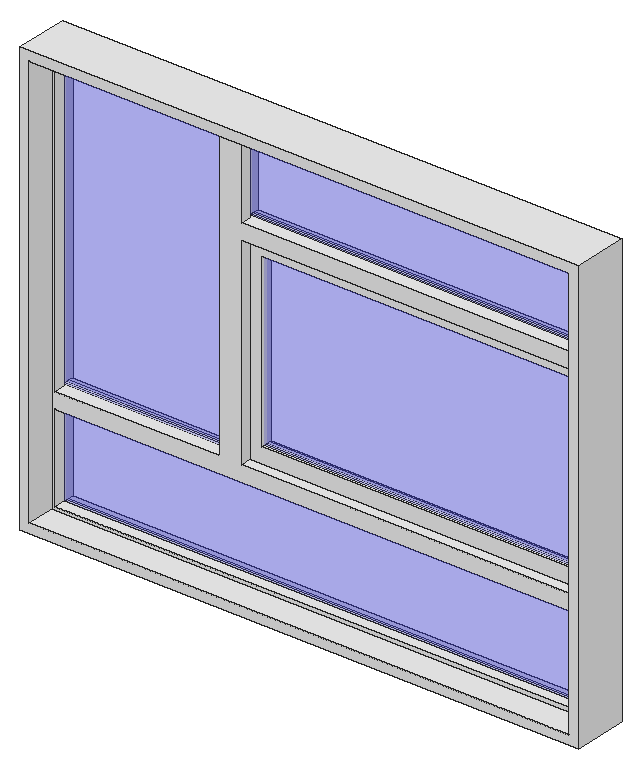
Revit family "M_Janela-toldo-variável", category Janelas, Revit 2019
Family settings
  Hospedeiro = Parede
  Número OmniClass = 23.30.20.00
  Título OmniClass = Windows
  Sempre na vertical = Sim
  Corte com vazios quando carregada = Não
  Compartilhado = Não
  Ponto de cálculo do ambiente = Não
Parameters (values of type "1550 x 1200mm")
  Janela aplicada [instance] = 15.9 mm
  Espessura da parede [instance] = 150 mm
  Visual Light Transmittance = 0.81
  Coeficiente da altura da travessa = 0.25
  Altura da travessa = Coeficiente da altura da travessa * Altura  # 300 mm
  Resistência térmica (R) = 0.319569 (m²·K)/W
  Solar Heat Gain Coefficient = 0.76
  Largura bruta = Largura + 15 mm  # 1565 mm
  Altura bruta = Altura + 15 mm  # 1215 mm
  Largura da abertura da janela = Largura / 3 * 2  # 1033.333 mm
  Altura da abertura da janela = Altura - Altura da travessa * 2  # 600 mm
  Coeficiente de transferência de calor (U) = 3.12929 W/(m²·K)
  Material da moldura = Metal - Alum
  Altura = 1200 mm
  Material do painel de vidro = Vidro
  Intervalo da moldura 3 [instance] = Intervalo da moldura 1 + 6.4 mm  # 41.92 mm
  Intervalo da moldura 2 [instance] = if(Janela aplicada > 15.9 mm, Janela aplicada, 15.9 mm)  # 15.9 mm
  Intervalo da moldura 1 = 35.52 mm
  Largura da janela fixa = Largura / 3  # 516.667 mm
  Classificação de incêndio = "0.5h"
  Altura-padrão do peitoril = 900 mm
  Fechamento da parede = Por hospedeiro
  Largura = 1550 mm
  Código de montagem = "B2020100"
  Construção analítica = "Vidraça dupla – residencial"
Types (4, lengths in mm): name | Coeficiente da altura da travessa | Altura da travessa | Largura bruta | Altura bruta | Largura da abertura da janela | Altura da abertura da janela | Altura | Largura da janela fixa | Largura
  (no name) | 0.25 | 300 | 1565 | 1215 | 1033.333 | 600 | 1200 | 516.667 | 1550
  1800 x 1350mm | 0.3 | 405 | 1815 | 1365 | 1200 | 540 | 1350 | 600 | 1800
  1550 x 1200mm | 0.25 | 300 | 1565 | 1215 | 1033.333 | 600 | 1200 | 516.667 | 1550
  2150 x 1500mm | 0.3 | 450 | 2165 | 1515 | 1433.333 | 600 | 1500 | 716.667 | 2150
Reference planes
  plane 1 "Centro (Frente/Trás)": y = 0
  plane 2: z = 0
  plane 3 "Centro (Esquerda/Direita)": x = 0
  plane 4 "Esquerda": x = -775
  plane 5 "Direita": x = 775
  plane 6 "Peitoril": z = 900
  plane 7 "Extremidade superior": z = 2100
  plane 8 "Exterior": y = 75
  plane 9 "Interior": y = -75
  plane 10 "Vidro 1": y = 59.1
  plane 11: y = 2.744
  plane 12: x = -749.6
  plane 13: x = 749.6
  plane 14: y = 33.7
  plane 15: x = -739.48
  plane 16: x = 739.48
  plane 17: x = -258.333
  plane 18: x = 258.333
  plane 19: x = -283.733
  plane 20: x = -232.933
  plane 21: x = -293.854
  plane 22: x = -222.813
  plane 23: z = 2074.6
  plane 24: z = 925.4
  plane 25 "Deslocamento do caixilho": y = 65.45
  plane 26: y = 75
  plane 27: x = -707.68
  plane 28: x = -325.654
  plane 29: x = -191.013
  plane 30: x = 707.68
  plane 31: z = 935.52
  plane 32: z = 2064.48
  plane 33 "Travessa inferior": z = 1220.96
  plane 34 "Vidro 2": y = 52.75
  plane 35 "Vidro 3": y = 46.4
  plane 36 "Vidro 4": y = 40.05
  plane 37: z = 1500
  plane 38 "Deslocamento do montante": y = 71.8
  plane 39: z = 1179.04
  plane 40: z = 1779.04
  plane 41: z = 1820.96
  plane 42: z = 1800
  plane 43: z = 1200
Forms (mm)
  Sweep 1, solid, material "Metal - Alum" <- "Material da moldura"
    path origin (0, 0, 0) x (1, 0, 0) y (0, 0, 1)
      loop
        line (-775, 900) -> (775, 900) -> (775, 2100) -> (-775, 2100) -> (-775, 900)
    profile origin (-775, 0, 1500) x (-1, 0, 0) y (0, -1, 0)
      loop
        line (0, -75) -> (0, 75) -> (-25.4, 75) -> (-25.4, -2.744) -> (-35.52, -2.744) -> (-35.52, -33.7) -> (-25.4, -33.7) -> (-25.4, -75) -> (0, -75)
  Extrusion 2, solid, material "Metal - Alum" <- "Material da moldura"
    sketch origin (0, 0, 900) x (0, -1, 0) y (1, 0, 0)
      loop
        line (-71.8, -283.733) -> (-2.744, -283.733) -> (-2.744, -222.813) -> (-33.7, -222.813) -> (-33.7, -232.933) -> (-71.8, -232.933) -> (-71.8, -283.733)
    from 320.96 to 1174.6
  Extrusion 3, solid, material "Vidro" <- "Material do painel de vidro"
    sketch origin (0, 0, 900) x (0, -1, 0) y (1, 0, 0)
      loop
        line (-59.1, -191.013) -> (-52.75, -191.013) -> (-52.75, 707.68) -> (-59.1, 707.68) -> (-59.1, -191.013)
      loop
        line (-46.4, -191.013) -> (-40.05, -191.013) -> (-40.05, 707.68) -> (-46.4, 707.68) -> (-46.4, -191.013)
    from 362.88 to 837.12
  Extrusion 4, solid, material "Metal - Alum" <- "Material da moldura"
    sketch origin (-191.013, 186.465, 1219.2) x (0, 1, 0) y (0, 0, 1)
      loop
        line (-114.665, 1.76) -> (-183.721, 1.76) -> (-183.721, -40.16) -> (-114.665, -40.16) -> (-114.665, 1.76)
    from -558.587 to 940.613
  Extrusion 5, solid, material "Vidro" <- "Material do painel de vidro"
    sketch origin (0, 0, 900) x (0, -1, 0) y (1, 0, 0)
      loop
        line (-59.1, -749.6) -> (-52.75, -749.6) -> (-52.75, -283.733) -> (-59.1, -283.733) -> (-59.1, -749.6)
      loop
        line (-46.4, -749.6) -> (-40.05, -749.6) -> (-40.05, -283.733) -> (-46.4, -283.733) -> (-46.4, -749.6)
    from 320.96 to 1174.6
  Extrusion 6, solid, material "Metal - Alum" <- "Material da moldura"
    sketch origin (775, 0, 0) x (0, -1, 0) y (0, 0, 1)
      loop
        line (-71.8, 1779.04) -> (-2.744, 1779.04) -> (-2.744, 1820.96) -> (-71.8, 1820.96) -> (-71.8, 1779.04)
    from 25.4 to 1007.933
  Extrusion 7, solid, material "Vidro" <- "Material do painel de vidro"
    sketch origin (0, 0, 900) x (0, -1, 0) y (1, 0, 0)
      loop
        line (-46.4, -232.933) -> (-40.05, -232.933) -> (-40.05, 749.6) -> (-46.4, 749.6) -> (-46.4, -232.933)
      loop
        line (-59.1, -232.933) -> (-52.75, -232.933) -> (-52.75, 749.6) -> (-59.1, 749.6) -> (-59.1, -232.933)
    from 920.96 to 1174.6
  Extrusion 8, solid, material "Vidro" <- "Material do painel de vidro"
    sketch origin (0, 0, 900) x (0, -1, 0) y (1, 0, 0)
      loop
        line (-59.1, -749.6) -> (-52.75, -749.6) -> (-52.75, 749.6) -> (-59.1, 749.6) -> (-59.1, -749.6)
      loop
        line (-46.4, -749.6) -> (-40.05, -749.6) -> (-40.05, 749.6) -> (-46.4, 749.6) -> (-46.4, -749.6)
    from 25.4 to 279.04
  Sweep 9, solid, material "Metal - Alum" <- "Material da moldura"
    path origin (-474.87, 65.45, 1219.2) x (-1, 0, 0) y (0, 0, 1)
      loop
        line (-1224.47, 1.76) -> (-241.937, 1.76) -> (-241.937, 559.84) -> (-1224.47, 559.84) -> (-1224.47, 1.76)
    profile origin (749.6, 65.45, 1500) x (1, 0, 0) y (0, 1, 0)
      loop
        line (-41.92, 0) -> (-41.92, -31.75) -> (0, -31.75) -> (0, 0) -> (-41.92, 0)
Cuts and joins
  joined: Sweep 1, Extrusion 2, Extrusion 4, Extrusion 6
Lines and regions (mm)
  Opening 1
    outline origin (-1524, -75, 0) x (1, 0, 0) y (0, 0, 1)
      loop
        line (749, 2100) -> (749, 900) -> (2299, 900) -> (2299, 2100) -> (749, 2100)
  symbolic lines, style "Giro da elevação"
    curve 1: line (258.333, 65.45, 1779.04) -> (749.6, 65.45, 1220.96)
    curve 2: line (258.333, 65.45, 1779.04) -> (-232.933, 65.45, 1220.96)
Text (mm)
  text "EXTERIOR" at (-1490.695, 1293.036, 0), in view "Nível de referência"
  text "INTERIOR" at (-1490.695, -959.266, 0), in view "Nível de referência"
  text "Exterior" at (0, 1108.87, 3129.179), in view "Esquerda"
  text "Exterior" at (0, 464.664, 3176.206), in view "Direita"
Dimensions and locks
  equal spacing: plane 4 "Esquerda", plane 3 "Centro (Esquerda/Direita)", plane 5 "Direita"
  "Largura": plane 4 "Esquerda" to plane 5 "Direita"
  "Altura": plane 6 "Peitoril" to plane 7 "Extremidade superior"
  "Altura-padrão do peitoril": plane 2 to plane 6 "Peitoril"
  locked: plane 4 "Esquerda" to plane 12 at 25.4
  locked: plane 13 to plane 5 "Direita" at 25.4
  "Intervalo da moldura 1": plane 4 "Esquerda" to plane 15
  "Intervalo da moldura 1": plane 16 to plane 5 "Direita"
  locked: plane 14 to plane 11 at 30.956
  equal spacing: plane 4 "Esquerda", plane 17, plane 18, plane 5 "Direita"
  locked: plane 19 to plane 17 at 25.4
  locked: plane 17 to plane 20 at 25.4
  "Intervalo da moldura 1": plane 21 to plane 17
  "Intervalo da moldura 1": plane 17 to plane 22
  locked: plane 7 "Extremidade superior" to plane 23 at 25.4
  locked: plane 24 to plane 6 "Peitoril" at 25.4
  "Intervalo da moldura 2": plane 26 to plane 10 "Vidro 1"
  "Intervalo da moldura 3": plane 12 to plane 27
  "Intervalo da moldura 3": plane 28 to plane 19
  "Intervalo da moldura 3": plane 20 to plane 29
  "Intervalo da moldura 3": plane 30 to plane 13
  "Intervalo da moldura 1": plane 6 "Peitoril" to plane 31
  "Intervalo da moldura 1": plane 32 to plane 7 "Extremidade superior"
  locked: plane 10 "Vidro 1" to plane 34 "Vidro 2" at 6.35
  locked: plane 34 "Vidro 2" to plane 35 "Vidro 3" at 6.35
  locked: plane 35 "Vidro 3" to plane 36 "Vidro 4" at 6.35
  locked: plane 10 "Vidro 1" to plane 14 at 25.4
  locked: plane 25 "Deslocamento do caixilho" to plane 10 "Vidro 1" at 6.35
  locked: plane 38 "Deslocamento do montante" to plane 25 "Deslocamento do caixilho" at 6.35
  "Intervalo da moldura 3": plane 39 to plane 33 "Travessa inferior"
  "Intervalo da moldura 3": plane 40 to plane 41
  equal spacing: plane 39, plane 37, plane 41
  "Janela aplicada": plane 8 "Exterior" to plane 10 "Vidro 1"
  "Espessura da parede": host wall to host wall
  equal spacing: plane 40, plane 42, plane 41
  "Altura da travessa": plane 42 to plane 7 "Extremidade superior"
  equal spacing: plane 39, plane 43, plane 33 "Travessa inferior"
  "Altura da travessa": plane 6 "Peitoril" to plane 43
  aligned and locked: plane 7 "Extremidade superior" to Opening 1 sketch curve
  aligned and locked: plane 6 "Peitoril" to Opening 1 sketch curve  (x2)
  aligned and locked: plane 5 "Direita" to Opening 1 sketch curve
  aligned and locked: plane 4 "Esquerda" to Opening 1 sketch curve
  aligned and locked: level to plane 2
  aligned and locked: host wall to plane 8 "Exterior"
  aligned and locked: plane 9 "Interior" to host wall
  aligned and locked: Sweep 1 sketch curve to plane 4 "Esquerda"  (x2)
  aligned and locked: plane 7 "Extremidade superior" to Sweep 1 sketch curve  (x2)
  aligned and locked: plane 5 "Direita" to Sweep 1 sketch curve  (x2)
  aligned and locked: plane 6 "Peitoril" to Sweep 1 sketch curve  (x2)
  aligned and locked: plane 4 "Esquerda" to Sweep 1 sketch curve  (x2)
  aligned and locked: Sweep 1 sketch curve to plane 14
  aligned and locked: Sweep 1 sketch curve to plane 15
  aligned and locked: plane 11 to Sweep 1 sketch curve  (x2)
  aligned and locked: plane 9 "Interior" to Sweep 1 sketch curve  (x2)
  aligned and locked: plane 12 to Sweep 1 sketch curve  (x2)
  aligned and locked: plane 15 to Sweep 1 sketch curve
  aligned and locked: plane 14 to Sweep 1 sketch curve
  aligned and locked: Extrusion 2 to Sweep 1
  aligned and locked: plane 26 to Sweep 1 sketch curve  (x2)
  aligned and locked: plane 38 "Deslocamento do montante" to Extrusion 2
  aligned and locked: plane 13 to Extrusion 4
  aligned and locked: plane 10 "Vidro 1" to Extrusion 5 sketch curve
  aligned and locked: Extrusion 5 sketch curve to plane 12  (x2)
  aligned and locked: Extrusion 5 sketch curve to plane 34 "Vidro 2"
  aligned and locked: Extrusion 5 sketch curve to plane 35 "Vidro 3"
  aligned and locked: Extrusion 5 sketch curve to plane 36 "Vidro 4"
  aligned and locked: plane 19 to Extrusion 5 sketch curve
  aligned and locked: plane 23 to Extrusion 5
  aligned and locked: Extrusion 5 to plane 33 "Travessa inferior"
  aligned and locked: Extrusion 2 to plane 33 "Travessa inferior"
  aligned and locked: Extrusion 4 to plane 12
  aligned and locked: plane 13 to Extrusion 6
  aligned and locked: Extrusion 6 to plane 20
  aligned and locked: plane 33 "Travessa inferior" to Extrusion 4 sketch curve
  aligned and locked: Extrusion 4 sketch curve to plane 39
  aligned and locked: Extrusion 4 sketch curve to plane 11
  aligned and locked: Extrusion 2 sketch curve to plane 19
  aligned and locked: Extrusion 2 sketch curve to plane 11
  aligned and locked: Extrusion 2 sketch curve to plane 22
  aligned and locked: Extrusion 2 sketch curve to plane 38 "Deslocamento do montante"
  aligned and locked: plane 20 to Extrusion 2 sketch curve  (x2)
  aligned and locked: plane 14 to Extrusion 2 sketch curve  (x2)
  aligned and locked: plane 22 to Extrusion 2 sketch curve
  aligned and locked: plane 19 to Extrusion 2 sketch curve
  aligned and locked: plane 11 to Extrusion 2 sketch curve
  aligned and locked: Extrusion 7 to plane 41
  aligned and locked: plane 23 to Extrusion 7
  aligned and locked: plane 10 "Vidro 1" to Extrusion 8 sketch curve
  aligned and locked: Extrusion 8 sketch curve to plane 12  (x2)
  aligned and locked: Extrusion 8 sketch curve to plane 34 "Vidro 2"
  aligned and locked: plane 13 to Extrusion 8 sketch curve  (x2)
  aligned and locked: Extrusion 8 sketch curve to plane 35 "Vidro 3"
  aligned and locked: Extrusion 8 sketch curve to plane 36 "Vidro 4"
  aligned and locked: plane 39 to Extrusion 8
  aligned and locked: Extrusion 8 to plane 24
  aligned and locked: Sweep 9 sketch curve to profile plane
  aligned and locked: plane 30 to Sweep 9 sketch curve
  aligned and locked: Sweep 9 sketch curve to cut or joined group of Sweep 1, Extrusion 2, Extrusion 4, Extrusion 6
  aligned and locked: cut or joined group of Sweep 1, Extrusion 2, Extrusion 4, Extrusion 6 to Sweep 9 sketch curve
  aligned and locked: Sweep 9 sketch curve to plane 40
  aligned and locked: plane 33 "Travessa inferior" to Sweep 9 sketch curve  (x2)
  aligned and locked: plane 13 to Sweep 9 sketch curve  (x2)
  aligned and locked: Extrusion 3 to Sweep 9  (x2)
  aligned and locked: Extrusion 6 sketch curve to plane 38 "Deslocamento do montante"
  aligned and locked: Extrusion 6 sketch curve to plane 41
  aligned and locked: plane 40 to Extrusion 6 sketch curve
  aligned and locked: plane 11 to Extrusion 6 sketch curve
  aligned and locked: plane 41 to Extrusion 6 sketch curve
  aligned and locked: Extrusion 8 to Extrusion 7 sketch curve
  aligned and locked: Extrusion 7 sketch curve to plane 20  (x2)
  aligned and locked: Extrusion 7 sketch curve to Extrusion 8  (x4)
  aligned and locked: plane 10 "Vidro 1" to Extrusion 7 sketch curve
  aligned and locked: plane 10 "Vidro 1" to Extrusion 3 sketch curve
  aligned and locked: Extrusion 3 sketch curve to plane 29  (x2)
  aligned and locked: Extrusion 8 to Extrusion 3 sketch curve  (x3)
  aligned and locked: plane 30 to Extrusion 3 sketch curve  (x2)
  aligned and locked: plane 20 to Sweep 9 sketch curve  (x2)
  aligned and locked: plane 40 to Sweep 9 sketch curve
  aligned and locked: plane 40 to curve 2
  aligned and locked: plane 18 to curve 2
  aligned and locked: plane 33 "Travessa inferior" to curve 1
  aligned and locked: plane 13 to curve 1
  aligned and locked: plane 33 "Travessa inferior" to curve 2
  aligned and locked: plane 20 to curve 2
  aligned and locked: plane 17 to nested 1
  aligned and locked: nested 1 to plane 8 "Exterior"
  aligned and locked: nested 2 to plane 4 "Esquerda"
  aligned and locked: plane 33 "Travessa inferior" to nested 2
  aligned and locked: nested 2 to plane 8 "Exterior"
  aligned and locked: nested 3 to plane 8 "Exterior"
  aligned and locked: nested 3 to plane 4 "Esquerda"
  aligned and locked: nested 3 to plane 7 "Extremidade superior"
  aligned and locked: plane 40 to nested 1
  aligned and locked: plane 38 "Deslocamento do montante" to Extrusion 4 sketch curve
Automatic sketch dimensions
  Extrusion 5 sketch curve to plane 34 "Vidro 2" = 0 mm
  Extrusion 5 sketch curve to plane 19 = 0 mm
Nested families
  nested 1: "M_Plano-toldo" at (258.333, 75, 1179.04), Janela aplicada <- "Janela aplicada", Largura <- "Largura da abertura da janela", Altura <- "Altura da abertura da janela", Espessura da parede <- "Espessura da parede", type "M_Plano-toldo"
    with Janela aplicada de 3D 2.9 mm, Janela aplicada 15.9 mm, Largura 1033.333 mm, Espessura da parede 150 mm, Linha superior no, Linha à direita yes, Linha à esquerda no, Altura 600 mm, Linha inferior no
  nested 2: "M_Plana-fixa_simples" at (-516.667, 75, 920.96), Janela aplicada <- "Janela aplicada", Largura <- "Largura da janela fixa", Altura <- "Altura da travessa", Espessura da parede <- "Espessura da parede", type "M_Plana-fixa_simples"
    with Janela aplicada de 3D 2.9 mm, Janela aplicada 15.9 mm, Largura 516.667 mm, Espessura da parede 150 mm, Linha superior no, Linha à direita no, Linha à esquerda yes, Altura 300 mm, Linha inferior yes
  nested 3: "M_Plana-fixa_simples" at (-516.667, 75, 1800), Janela aplicada <- "Janela aplicada", Largura <- "Largura da janela fixa", Altura <- "Altura da travessa", Espessura da parede <- "Espessura da parede", type "M_Plana-fixa_simples"
    with Janela aplicada de 3D 2.9 mm, Janela aplicada 15.9 mm, Largura 516.667 mm, Espessura da parede 150 mm, Linha superior yes, Linha à direita no, Linha à esquerda yes, Altura 300 mm, Linha inferior no
Definition of nested family "M_Plano-toldo"
  Parameters (values of type "M_Plano-toldo")
    Janela aplicada [instance] = 50 mm
    Janela aplicada de 3D [instance] = if(Janela aplicada - 13 mm < 0 mm, 0 mm, if(Janela aplicada - 13 mm < Espessura da parede - 90 mm, Janela aplicada - 13 mm, Espessura da parede - 90 mm))  # 37 mm
    Width [instance] = 1200 mm
    Espessura da parede [instance] = 150 mm
    Linha superior [instance] = yes
    Rough Width = 930 mm
    Rough Height = 930 mm
    Linha à direita [instance] = yes
    Linha à esquerda [instance] = yes
    Height [instance] = 1200 mm
    Default Elevation = 1200 mm
    Linha inferior [instance] = yes
    Analytic Construction = "<Nenhum>"
  Reference planes
    plane 1 "Centro (Frente/Trás)": y = 0
    plane 2: z = 0
    plane 3 "Centro (Esquerda/Direita)": x = 0
    plane 4: x = -600
    plane 5: x = 600
    plane 6 "Umbral": y = -125.9
    plane 7: x = -587.3
    plane 8: x = -568.25
    plane 9: y = -37
    plane 10: y = -81.45
    plane 11: y = -59.225
    plane 12: x = -530.15
    plane 13: x = 587.3
    plane 14: x = 568.25
    plane 15: x = 530.15
    plane 16 "Janela aplicada": y = -49.7
    plane 17 "Parede": y = -150
    plane 18: z = 1200
    plane 19: z = 1187.3
    plane 20: z = 12.7
    plane 21: z = 1168.25
    plane 22: z = 31.75
    plane 23: z = 1130.15
    plane 24: z = 69.85
    plane 25: z = 600
  Lines and regions (mm)
    Masking region 1
      outline origin (0, 19.05, 0) x (1, 0, 0) y (0, 1, 0)
        loop
          line (-600, -169.05) -> (600, -169.05) -> (600, -19.05) -> (-600, -19.05) -> (-600, -169.05)
    Masking region 2
      outline origin (0, 0, 0) x (0, 1, 0) y (0, 0, 1)
        loop
          line (-150, 1200) -> (-150, 0) -> (0, 0) -> (0, 1200) -> (-150, 1200)
    symbolic lines
      curve 1: line (-587.3, -81.45, 0) -> (-568.25, -81.45, 0)
      curve 2: line (-568.25, -81.45, 0) -> (-568.25, -125.9, 0)
      curve 3: line (-587.3, -37, 0) -> (-587.3, -81.45, 0)
      curve 4: line (-530.15, -37, 0) -> (-530.15, -81.45, 0)
      curve 5: line (-530.15, -81.45, 0) -> (-568.25, -81.45, 0)
      curve 6: line (-530.15, -59.225, 0) -> (530.15, -59.225, 0)
      curve 7: line (568.25, -81.45, 0) -> (568.25, -125.9, 0)
      curve 8: line (587.3, -37, 0) -> (587.3, -81.45, 0)
      curve 9: line (530.15, -37, 0) -> (530.15, -81.45, 0)
      curve 10: line (530.15, -81.45, 0) -> (587.3, -81.45, 0)
      curve 11: line (-600, -125.9, 0) -> (-568.25, -125.9, 0)
      curve 12: line (568.25, -125.9, 0) -> (-568.25, -125.9, 0)
      curve 13: line (0, -81.45, 1168.25) -> (0, -125.9, 1168.25)
      curve 14: line (0, -125.9, 0) -> (0, -125.9, 31.75)
      curve 15: line (0, -37, 12.7) -> (0, -81.45, 12.7)
      curve 16: line (0, -81.45, 12.7) -> (0, -81.45, 69.85)
      curve 17: line (0, -81.45, 31.75) -> (0, -125.9, 31.75)
      curve 18: line (0, -37, 1200) -> (0, -37, 1130.15)
      curve 19: line (0, -37, 1130.15) -> (0, -81.45, 1130.15)
      curve 20: line (0, -81.45, 69.85) -> (0, -37, 69.85)
      curve 21: line (0, -59.225, 69.85) -> (0, -59.225, 1130.15)
      curve 22: line (0, -81.45, 1187.3) -> (0, -81.45, 1130.15)
      curve 23: line (530.15, -37, 0) -> (600, -37, 0)
      curve 24: line (530.15, -37, 0) -> (-530.15, -37, 0)
      curve 25: line (0, -37, 69.85) -> (0, -37, 0)
      curve 26: line (-530.15, -37, 0) -> (-600, -37, 0)
      curve 27: line (0, -37, 1130.15) -> (0, -37, 69.85)
      curve 32: line (568.25, -125.9, 0) -> (600, -125.9, 0)
      curve 33: line (0, -37, 1187.3) -> (0, -81.45, 1187.3)
      curve 34: line (0, -125.9, 1168.25) -> (0, -125.9, 1200)
      curve 35: line (0, -125.9, 31.75) -> (0, -125.9, 1168.25)
      curve 36: line (0, -81.45, 1187.3) -> (0, 505.85, 170.067)
      curve 37: arc (0, -81.45, 12.7) -> (0, 222.559, 52.724) -> (0, 505.85, 170.067) r 1174.6
    symbolic lines, visible <- "Linha superior"
      curve 28: line (0, 0, 1200) -> (0, -150, 1200)
    symbolic lines, visible <- "Linha inferior"
      curve 29: line (0, 0, 0) -> (0, -150, 0)
    symbolic lines, visible <- "Linha à esquerda"
      curve 30: line (-600, 0, 0) -> (-600, -150, 0)
    symbolic lines, visible <- "Linha à direita"
      curve 31: line (600, 0, 0) -> (600, -150, 0)
  Dimensions and locks
    "Width": plane 4 to plane 5
    equal spacing: plane 4, plane 3 "Centro (Esquerda/Direita)", plane 5
    plane 4 to plane 7 to plane 8 = 12.7 mm locked, 19.05 mm locked
    equal spacing: plane 9, plane 11, plane 10
    locked: plane 7 to plane 12 at 57.15
    plane 5 to plane 13 to plane 14 = 12.7 mm locked, 19.05 mm locked
    locked: plane 13 to plane 15 at 57.15
    locked: plane 9 to plane 16 "Janela aplicada" at 12.7
    locked: plane 9 to plane 10 at 44.45
    "Espessura da parede": plane 17 "Parede" to plane 1 "Centro (Frente/Trás)"
    "Height": plane 18 to plane 2
    locked: plane 18 to plane 19 at 12.7
    locked: plane 20 to plane 2 at 12.7
    locked: plane 19 to plane 21 at 19.05
    locked: plane 22 to plane 20 at 19.05
    locked: plane 19 to plane 23 at 57.15
    locked: plane 24 to plane 20 at 57.15
    locked: plane 10 to plane 6 "Umbral" at 44.45
    "Janela aplicada de 3D": plane 9 to plane 1 "Centro (Frente/Trás)"
    equal spacing: plane 18, plane 25, plane 2
    locked: plane 10 to curve 36 (angle 30.00°)
    aligned and locked: plane 2 to level
    aligned and locked: curve 2 to plane 8
    aligned and locked: curve 1 to plane 10
    aligned and locked: plane 4 to Masking region 1 sketch curve
    aligned and locked: Masking region 1 sketch curve to plane 5
    aligned and locked: plane 14 to curve 7
    aligned and locked: Masking region 1 sketch curve to plane 17 "Parede"
    aligned and locked: plane 1 "Centro (Frente/Trás)" to Masking region 1 sketch curve
    aligned and locked: Masking region 2 sketch curve to plane 18
    aligned and locked: plane 17 "Parede" to Masking region 2 sketch curve
    aligned and locked: level to Masking region 2 sketch curve
    aligned and locked: plane 6 "Umbral" to curve 14
    aligned and locked: plane 21 to curve 13
    aligned and locked: plane 22 to curve 17  (x2)
    aligned and locked: plane 10 to curve 16  (x2)
    aligned and locked: plane 20 to curve 15
    aligned and locked: curve 18 to plane 9
    aligned and locked: plane 23 to curve 19
    aligned and locked: curve 20 to plane 24
    aligned and locked: plane 11 to curve 21
    aligned and locked: plane 18 to curve 18
    aligned and locked: plane 9 to curve 15
    aligned and locked: plane 9 to curve 3
    aligned and locked: plane 19 to curve 22
    aligned and locked: plane 23 to curve 22
    aligned and locked: plane 9 to curve 24
    aligned and locked: plane 4 to curve 26
    aligned and locked: plane 9 to curve 25
    aligned and locked: plane 2 to curve 25
    aligned and locked: curve 4 to plane 12
    aligned and locked: plane 24 to curve 27
    aligned and locked: plane 1 "Centro (Frente/Trás)" to curve 28
    aligned and locked: plane 17 "Parede" to curve 28
    aligned and locked: curve 28 to plane 18
    aligned and locked: plane 17 "Parede" to curve 29
    aligned and locked: plane 1 "Centro (Frente/Trás)" to curve 29
    aligned and locked: curve 29 to plane 2
    aligned and locked: plane 4 to curve 11
    aligned and locked: plane 17 "Parede" to curve 31
    aligned and locked: curve 31 to plane 5
    aligned and locked: plane 5 to curve 32
    aligned and locked: plane 14 to curve 32
    aligned and locked: curve 32 to plane 6 "Umbral"
    aligned and locked: plane 17 "Parede" to curve 30
    aligned and locked: plane 9 to curve 33
    aligned and locked: plane 10 to curve 33
    aligned and locked: curve 33 to plane 19
    aligned and locked: plane 1 "Centro (Frente/Trás)" to curve 31
    aligned and locked: plane 1 "Centro (Frente/Trás)" to curve 30
    aligned and locked: plane 21 to curve 34
    aligned and locked: curve 35 to plane 6 "Umbral"
    aligned and locked: curve 34 to plane 6 "Umbral"
    aligned and locked: plane 20 to curve 37
    aligned and locked: plane 19 to curve 37
    aligned and locked: plane 10 to curve 37
  Automatic sketch dimensions
    curve 3 to plane 7 = 0 mm
    curve 9 to plane 15 = 0 mm
    curve 8 to plane 10 = 0 mm
    curve 8 to plane 13 = 0 mm
    curve 6 to plane 11 = 0 mm
    Masking region 2 sketch curve to plane 1 "Centro (Frente/Trás)" = 0 mm
Definition of nested family "M_Plana-fixa_simples"
  Parameters (values of type "M_Plana-fixa_simples")
    Janela aplicada [instance] = 25 mm
    Janela aplicada de 3D [instance] = if(Janela aplicada - 13 mm < 0 mm, 0 mm, if(Janela aplicada - 13 mm < Espessura da parede - 90 mm, Janela aplicada - 13 mm, Espessura da parede - 90 mm))  # 12 mm
    Width [instance] = 1200 mm
    Espessura da parede [instance] = 150 mm
    Linha superior [instance] = yes
    Linha à direita [instance] = yes
    Linha à esquerda [instance] = yes
    Height [instance] = 900 mm
    Default Elevation = 1200 mm
    Linha inferior [instance] = yes
    Analytic Construction = "<Nenhum>"
  Reference planes
    plane 1 "Centro (Frente/Trás)": y = 0
    plane 2: z = 0
    plane 3 "Centro (Esquerda/Direita)": x = 0
    plane 4: x = -600
    plane 5: x = 600
    plane 6 "Umbral": y = -100.9
    plane 7: x = -587.3
    plane 8: y = -12
    plane 9: y = -56.45
    plane 10: y = -34.225
    plane 11: x = 587.3
    plane 12 "Janela aplicada": y = -24.7
    plane 13 "Parede": y = -150
    plane 14: z = 900
    plane 15: z = 887.3
    plane 16: z = 12.7
    plane 17: z = 868.25
    plane 18: z = 31.75
    plane 19: z = 830.15
    plane 20: z = 69.85
  Lines and regions (mm)
    Masking region 1
      outline origin (0, 19.05, 0) x (1, 0, 0) y (0, 1, 0)
        loop
          line (-600, -19.05) -> (-600, -169.05) -> (600, -169.05) -> (600, -19.05) -> (-600, -19.05)
    Masking region 2
      outline origin (0, 0, 0) x (0, 1, 0) y (0, 0, 1)
        loop
          line (-150, 0) -> (0, 0) -> (0, 900) -> (-150, 900) -> (-150, 0)
    symbolic lines
      curve 1: line (-587.3, -12, 0) -> (-587.3, -100.9, 0)
      curve 2: line (-587.3, -34.225, 0) -> (587.3, -34.225, 0)
      curve 3: line (587.3, -12, 0) -> (587.3, -100.9, 0)
      curve 4: line (-600, -100.9, 0) -> (-587.3, -100.9, 0)
      curve 5: line (587.3, -100.9, 0) -> (600, -100.9, 0)
      curve 6: line (587.3, -100.9, 0) -> (-587.3, -100.9, 0)
      curve 7: line (0, -12, 887.3) -> (0, -100.9, 887.3)
      curve 8: line (0, -100.9, 12.7) -> (0, -100.9, 887.3)
      curve 9: line (0, -12, 12.7) -> (0, -100.9, 12.7)
      curve 10: line (0, -12, 900) -> (0, -12, 887.3)
      curve 11: line (0, -34.225, 12.7) -> (0, -34.225, 887.3)
      curve 12: line (587.3, -12, 0) -> (600, -12, 0)
      curve 13: line (-587.3, -12, 0) -> (-600, -12, 0)
      curve 14: line (0, -12, 12.7) -> (0, -12, 0)
      curve 15: line (-587.3, -12, 0) -> (587.3, -12, 0)
      curve 16: line (0, -12, 12.7) -> (0, -12, 887.3)
      curve 17: line (0, -100.9, 12.7) -> (0, -100.9, 0)
      curve 18: line (0, -100.9, 887.3) -> (0, -100.9, 900)
    symbolic lines, visible <- "Linha à esquerda"
      curve 19: line (-600, 0, 0) -> (-600, -150, 0)
    symbolic lines, visible <- "Linha à direita"
      curve 20: line (600, 0, 0) -> (600, -150, 0)
    symbolic lines, visible <- "Linha superior"
      curve 21: line (0, 0, 900) -> (0, -150, 900)
    symbolic lines, visible <- "Linha inferior"
      curve 22: line (0, 0, 0) -> (0, -150, 0)
  Dimensions and locks
    "Width": plane 4 to plane 5
    equal spacing: plane 4, plane 3 "Centro (Esquerda/Direita)", plane 5
    locked: plane 4 to plane 7 at 12.7
    equal spacing: plane 8, plane 10, plane 9
    locked: plane 5 to plane 11 at 12.7
    locked: plane 8 to plane 12 "Janela aplicada" at 12.7
    locked: plane 8 to plane 9 at 44.45
    "Espessura da parede": plane 13 "Parede" to plane 1 "Centro (Frente/Trás)"
    "Height": plane 14 to plane 2
    locked: plane 14 to plane 15 at 12.7
    locked: plane 16 to plane 2 at 12.7
    locked: plane 15 to plane 17 at 19.05
    locked: plane 18 to plane 16 at 19.05
    locked: plane 15 to plane 19 at 57.15
    locked: plane 20 to plane 16 at 57.15
    locked: plane 9 to plane 6 "Umbral" at 44.45
    "Janela aplicada de 3D": plane 8 to plane 1 "Centro (Frente/Trás)"
    aligned and locked: plane 2 to level
    aligned and locked: Masking region 1 sketch curve to plane 13 "Parede"
    aligned and locked: curve 4 to plane 6 "Umbral"
    aligned and locked: curve 5 to plane 6 "Umbral"
    aligned and locked: plane 1 "Centro (Frente/Trás)" to Masking region 1 sketch curve  (x2)
    aligned and locked: plane 13 "Parede" to Masking region 2 sketch curve  (x2)
    aligned and locked: plane 6 "Umbral" to curve 8
    aligned and locked: plane 15 to curve 7
    aligned and locked: plane 16 to curve 9
    aligned and locked: curve 10 to plane 8
    aligned and locked: plane 10 to curve 11
    aligned and locked: plane 5 to curve 12
    aligned and locked: plane 14 to curve 10
    aligned and locked: plane 8 to curve 7
    aligned and locked: plane 4 to curve 13
    aligned and locked: plane 8 to curve 14
    aligned and locked: plane 2 to curve 14
    aligned and locked: curve 1 to plane 7
    aligned and locked: plane 11 to curve 3
    aligned and locked: curve 15 to plane 8
    aligned and locked: curve 18 to plane 6 "Umbral"
    aligned and locked: plane 4 to Masking region 1 sketch curve
    aligned and locked: Masking region 1 sketch curve to plane 5
    aligned and locked: plane 14 to Masking region 2 sketch curve
    aligned and locked: Masking region 2 sketch curve to plane 2
    aligned and locked: plane 13 "Parede" to Masking region 1 sketch curve
    aligned and locked: plane 1 "Centro (Frente/Trás)" to curve 19
    aligned and locked: plane 13 "Parede" to curve 19
    aligned and locked: curve 19 to plane 4
    aligned and locked: plane 1 "Centro (Frente/Trás)" to curve 20
    aligned and locked: plane 13 "Parede" to curve 20
    aligned and locked: curve 20 to plane 5
    aligned and locked: plane 1 "Centro (Frente/Trás)" to Masking region 2 sketch curve
    aligned and locked: plane 1 "Centro (Frente/Trás)" to curve 21
    aligned and locked: plane 13 "Parede" to curve 21
    aligned and locked: curve 21 to plane 14
    aligned and locked: plane 1 "Centro (Frente/Trás)" to curve 22
    aligned and locked: plane 13 "Parede" to curve 22
    aligned and locked: curve 22 to plane 2
  Automatic sketch dimensions
    curve 2 to plane 10 = 0 mm
